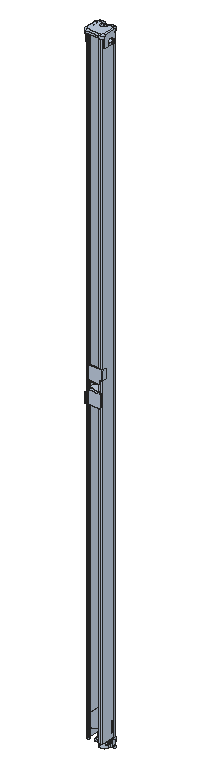
Revit family "BP", category 機械設備, Revit 2020
Family settings
  丸型コネクタ寸法 = 直径を使用
  種別 = なし
  パーツ タイプ = 標準
  作業面ベース = いいえ
  常に垂直 = はい
  ロード時にボイドで切り取り = いいえ
  共有 = はい
  部屋計算ポイント = いいえ
Parameters
  ﾌﾞﾚｽﾊﾞｰ ﾏﾃﾘｱﾙ = 溶融亜鉛メッキ
  ﾋﾞｽ ﾏﾃﾘｱﾙ = 電気亜鉛メッキ
  製造元 = "株式会社サンユー"
  既定の高さ = 0 mm
  ｽﾍﾟｰｻ [instance] = not(L < 500 mm)  # yes
  BP 長さ [instance] = 1000 mm
  URL = "http://www.3you.co.jp"
  L [instance] = if(not(BP 長さ > 1400 mm), BP 長さ, 100 mm)  # 1000 mm
  BPﾎﾞﾄﾑ ﾏﾃﾘｱﾙ = 溶融亜鉛メッキ
  BPﾄｯﾌﾟ ﾏﾃﾘｱﾙ = 溶融亜鉛メッキ
  BPｽﾍﾟｰｻ ﾏﾃﾘｱﾙ = 溶融亜鉛メッキ
Reference planes
  plane 1 "中心(正面/背面)": y = 0
  plane 2: z = 0
  plane 3 "中心(左/右)": x = 0
  plane 4: x = 0
  plane 5: z = -1.6
  plane 6: z = -1000
  plane 7: z = -500
  plane 8: z = -1007.5
Forms (mm)
  Extrusion 1, solid, material "溶融亜鉛メッキ" <- "ﾌﾞﾚｽﾊﾞｰ ﾏﾃﾘｱﾙ"
    sketch origin (0, -18.969, -1000) x (1, 0, 0) y (0, 1, 0)
      loop
        line (-12.5, 23.1) -> (-12.5, 1.9)
        arc (-12.5, 1.9) -> (-11.944, 0.556) -> (-10.6, 0) r 1.9
        line (-10.6, 0) -> (-7.5, 0) -> (-7.5, 1) -> (-10.6, 1)
        arc (-10.6, 1) -> (-11.236, 1.264) -> (-11.5, 1.9) r 0.9
        line (-11.5, 1.9) -> (-11.5, 23.1)
        arc (-11.5, 23.1) -> (-11.236, 23.736) -> (-10.6, 24) r 0.9
        line (-10.6, 24) -> (10.6, 24)
        arc (10.6, 24) -> (11.236, 23.736) -> (11.5, 23.1) r 0.9
        line (11.5, 23.1) -> (11.5, 1.9)
        arc (11.5, 1.9) -> (11.236, 1.264) -> (10.6, 1) r 0.9
        line (10.6, 1) -> (7.5, 1) -> (7.5, 0) -> (10.6, 0)
        arc (10.6, 0) -> (11.944, 0.556) -> (12.5, 1.9) r 1.9
        line (12.5, 1.9) -> (12.5, 23.1)
        arc (12.5, 23.1) -> (11.944, 24.444) -> (10.6, 25) r 1.9
        line (10.6, 25) -> (-10.6, 25)
        arc (-10.6, 25) -> (-11.944, 24.444) -> (-12.5, 23.1) r 1.9
    from 0 to 998.4
Dimensions and locks
  plane 6 to plane 7 = 500 mm
  locked: plane 2 to plane 5 at 1.6
  equal spacing: plane 2, plane 7, plane 6
  "L": plane 2 to plane 6
  locked: plane 6 to plane 8 at 7.5
  aligned and locked: level to plane 2
  aligned and locked: plane 3 "中心(左/右)" to plane 4
  aligned and locked: plane 2 to nested 2
  aligned and locked: plane 7 to nested 7
  aligned and locked: plane 6 to Extrusion 1
  aligned and locked: Extrusion 1 to plane 6
  aligned and locked: nested 3 to plane 8
  aligned and locked: nested 4 to plane 8
  aligned and locked: nested 1 to plane 6
Automatic sketch dimensions
  Extrusion 1 sketch curve to Extrusion 1 sketch curve = 0 mm  (x9)
  Extrusion 1 sketch curve to plane 3 "中心(左/右)" = 12.5 mm
  Extrusion 1 sketch curve to Extrusion 1 sketch curve = 1 mm
  Extrusion 1 sketch curve to Extrusion 1 sketch curve = 0.9 mm  (x3)
  Extrusion 1 sketch curve to Extrusion 1 sketch curve = 3.1 mm  (x2)
  plane 3 "中心(左/右)" to Extrusion 1 sketch curve = 7.5 mm
  plane 3 "中心(左/右)" to Extrusion 1 sketch curve = 10.6 mm
  plane 1 "中心(正面/背面)" to Extrusion 1 sketch curve = 18.969 mm
  Extrusion 1 sketch curve to plane 1 "中心(正面/背面)" = 4.131 mm
Nested families
  nested 1: "BP-b" at (0, 0, -1015), BPﾎﾞﾄﾑ ﾏﾃﾘｱﾙ <- "BPﾎﾞﾄﾑ ﾏﾃﾘｱﾙ", type "BPﾎﾞﾄﾑ"
  nested 2: "BP-t" at (0, 0, 0), BPﾄｯﾌﾟ ﾏﾃﾘｱﾙ <- "BPﾄｯﾌﾟ ﾏﾃﾘｱﾙ", type "BPﾄｯﾌﾟ"
  nested 3: "ﾅﾍﾞﾋﾞｽ" at (8.2, 6.2, -1007.5) x (-1, 0, 0) z (0, 1, 0), ﾋﾞｽ　ﾏﾃﾘｱﾙ <- "ﾋﾞｽ ﾏﾃﾘｱﾙ", type "4x13"
    with ﾋﾞｽ　ﾏﾃﾘｱﾙ 電気亜鉛メッキ
  nested 4: "ﾅﾍﾞﾋﾞｽ" at (-8.8, 6.2, -1007.5) x (-1, 0, 0) z (0, 1, 0), ﾋﾞｽ　ﾏﾃﾘｱﾙ <- "ﾋﾞｽ ﾏﾃﾘｱﾙ", type "4x13"
    with ﾋﾞｽ　ﾏﾃﾘｱﾙ 電気亜鉛メッキ
  nested 5: "ﾅﾍﾞﾋﾞｽ" at (-15, -7.169, -10) x (0, -1, 0) z (-1, 0, 0), ﾋﾞｽ　ﾏﾃﾘｱﾙ <- "ﾋﾞｽ ﾏﾃﾘｱﾙ", type "4x13"
    with ﾋﾞｽ　ﾏﾃﾘｱﾙ 電気亜鉛メッキ
  nested 6: "ﾅﾍﾞﾋﾞｽ" at (15, -7.169, -14) x (0, 1, 0) z (1, 0, 0), ﾋﾞｽ　ﾏﾃﾘｱﾙ <- "ﾋﾞｽ ﾏﾃﾘｱﾙ", type "4x13"
    with ﾋﾞｽ　ﾏﾃﾘｱﾙ 電気亜鉛メッキ
  nested 7: "BP-sp" at (0, 0, -500) x (1, 0, 0) z (0, 0, -1), visible <- "ｽﾍﾟｰｻ", type "BPｽﾍﾟｰｻ"
Definition of nested family "BP-b"
  Parameters (values of type "BPﾎﾞﾄﾑ")
    Default Elevation = 0 mm
    BPﾎﾞﾄﾑ ﾏﾃﾘｱﾙ [instance] = none
  Reference planes
    plane 1 "中心(正面/背面)": y = 0
    plane 2: z = 0
    plane 3 "中心(左/右)": x = 0
  Forms (mm)
    Extrusion 1, solid, material <- "BPﾎﾞﾄﾑ ﾏﾃﾘｱﾙ"
      sketch origin (0, 0.4, 0) x (-1, 0, 0) y (0, -1, 0)
        loop
          line (-6.6, 0) -> (-6.6, -2.6) -> (-5, -2.6) -> (-5, 0)
          arc (-5, 0) -> (0, 5) -> (5, 0) r 5
          line (5, 0) -> (5, -2.6) -> (6.6, -2.6) -> (6.6, 0)
          arc (6.6, 0) -> (0, 6.6) -> (-6.6, 0) r 6.6
      from 0 to 50
    Extrusion 2, solid, material <- "BPﾎﾞﾄﾑ ﾏﾃﾘｱﾙ"
      sketch origin (-0.133, -0.15, 0) x (0.062413, -0.99805, 0) y (0, 0, 1)
        loop
          line (12.461, 50) -> (-2.242, 50) -> (-2.242, 20.8) -> (13.357, 26.948)
          spline (13.357, 26.948) -> (13.571, 27.042) -> (13.777, 27.152) -> (13.973, 27.278) -> (14.16, 27.419) -> (14.334, 27.574) -> (14.496, 27.742) -> (14.645, 27.923) -> (14.779, 28.114) -> (14.898, 28.315) -> (15.001, 28.525) -> (15.087, 28.742) -> (15.156, 28.966)
          line (15.156, 28.966) -> (16.663, 34.62)
          spline (16.663, 34.62) -> (16.679, 34.683) -> (16.694, 34.747) -> (16.707, 34.811) -> (16.719, 34.875) -> (16.73, 34.939) -> (16.739, 35.003) -> (16.747, 35.068) -> (16.753, 35.133) -> (16.758, 35.198) -> (16.761, 35.263) -> (16.764, 35.328) -> (16.764, 35.393)
          line (16.764, 35.393) -> (16.764, 42.107)
          spline (16.764, 42.107) -> (16.764, 42.172) -> (16.761, 42.237) -> (16.758, 42.302) -> (16.753, 42.367) -> (16.747, 42.432) -> (16.739, 42.497) -> (16.73, 42.561) -> (16.719, 42.625) -> (16.707, 42.689) -> (16.694, 42.753) -> (16.679, 42.817) -> (16.663, 42.88)
          line (16.663, 42.88) -> (15.359, 47.773)
          spline (15.359, 47.773) -> (15.257, 48.084) -> (15.122, 48.383) -> (14.956, 48.664) -> (14.76, 48.927) -> (14.536, 49.166) -> (14.288, 49.379) -> (14.018, 49.564) -> (13.729, 49.718) -> (13.426, 49.841) -> (13.11, 49.929) -> (12.787, 49.982) -> (12.461, 50)
      from -8.9 to -10.5
    Extrusion 3, solid, material <- "BPﾎﾞﾄﾑ ﾏﾃﾘｱﾙ"
      sketch origin (0, 0, 0) x (-1, 0, 0) y (0, 0, 1)
        loop
          line (-14.8, 15) -> (-14.8, 13) -> (-13.2, 13)
          arc (-13.2, 13) -> (-12.139, 12.561) -> (-11.7, 11.5) r 1.5
          line (-11.7, 11.5) -> (-11.7, 3.5)
          arc (-11.7, 3.5) -> (-12.139, 2.439) -> (-13.2, 2) r 1.5
          line (-13.2, 2) -> (-14.8, 2) -> (-14.8, 0) -> (-5, 0) -> (-5, 20.8) -> (-10.207, 20.8)
          arc (-10.207, 20.8) -> (-8.258, 17.481) -> (-11.2, 15) r 2.985
          line (-11.2, 15) -> (-14.8, 15)
        loop
          circle (-8.2, 7.5) r 1.5
      from 3 to 4.6
    Extrusion 4, solid, material <- "BPﾎﾞﾄﾑ ﾏﾃﾘｱﾙ"
      sketch origin (0, 0, 0) x (-1, 0, 0) y (0, 0, 1)
        loop
          line (12.8, 15) -> (11.8, 15)
          arc (11.8, 15) -> (8.858, 17.483) -> (10.811, 20.8) r 2.984
          line (10.811, 20.8) -> (5, 20.8) -> (5, 0) -> (12.8, 0) -> (12.8, 15)
        loop
          circle (8.8, 7.5) r 1.5
      from 3 to 4.6
    Extrusion 5, solid, material <- "BPﾎﾞﾄﾑ ﾏﾃﾘｱﾙ"
      sketch origin (0, 0, 0) x (-1, 0, 0) y (0, 0, 1)
        loop
          line (-14.8, 15) -> (-14.8, 13) -> (-13.2, 13)
          arc (-13.2, 13) -> (-12.139, 12.561) -> (-11.7, 11.5) r 1.5
          line (-11.7, 11.5) -> (-11.7, 3.5)
          arc (-11.7, 3.5) -> (-12.139, 2.439) -> (-13.2, 2) r 1.5
          line (-13.2, 2) -> (-14.8, 2) -> (-14.8, 0) -> (9.8, 0)
          arc (9.8, 0) -> (11.921, 0.879) -> (12.8, 3) r 3
          line (12.8, 3) -> (12.8, 12)
          arc (12.8, 12) -> (11.921, 14.121) -> (9.8, 15) r 3
          line (9.8, 15) -> (4.8, 15) -> (4.8, 13.4) -> (-4.2, 13.4) -> (-4.2, 15) -> (-14.8, 15)
        loop
          circle (8.8, 7.5) r 2
        loop
          circle (-8.2, 7.5) r 2
      from 4.6 to 6.2
    Extrusion 6, solid, material <- "BPﾎﾞﾄﾑ ﾏﾃﾘｱﾙ"
      sketch origin (0, 0, 0) x (-1, 0, 0) y (0, 0, 1)
        loop
          line (-4.2, 17) -> (-4.2, 15) -> (-5.8, 15)
          arc (-5.8, 15) -> (-5.331, 13.869) -> (-4.2, 13.4) r 1.6
          line (-4.2, 13.4) -> (4.8, 13.4)
          arc (4.8, 13.4) -> (5.931, 13.869) -> (6.4, 15) r 1.6
          line (6.4, 15) -> (4.8, 15) -> (4.8, 17)
          arc (4.8, 17) -> (4.214, 18.414) -> (2.8, 19) r 2
          line (2.8, 19) -> (-2.2, 19)
          arc (-2.2, 19) -> (-3.614, 18.414) -> (-4.2, 17) r 2
      from 5.6 to 7.2
    Extrusion 7, void
      sketch origin (0, 0, 0) x (-1, 0, 0) y (0, -1, 0)
        loop
          arc (-13.621, -6.2) -> (-14.2, -4.6) -> (-13.621, -3) r 2.5
          line (-13.621, -3) -> (-15.383, -3) -> (-15.383, -6.2) -> (-13.621, -6.2)
      from 0 to 15
    Extrusion 8, solid, material <- "BPﾎﾞﾄﾑ ﾏﾃﾘｱﾙ"
      sketch origin (-0.385, 0.12, 0) x (-0.030961, -0.999521, 0) y (0, 0, -1)
        loop
          spline (12.461, -50) -> (12.787, -49.982) -> (13.11, -49.929) -> (13.426, -49.841) -> (13.729, -49.718) -> (14.018, -49.564) -> (14.288, -49.379) -> (14.536, -49.166) -> (14.76, -48.927) -> (14.956, -48.664) -> (15.122, -48.383) -> (15.257, -48.084) -> (15.359, -47.773)
          line (15.359, -47.773) -> (16.663, -42.88)
          spline (16.663, -42.88) -> (16.679, -42.817) -> (16.694, -42.753) -> (16.707, -42.689) -> (16.719, -42.625) -> (16.73, -42.561) -> (16.739, -42.497) -> (16.747, -42.432) -> (16.753, -42.367) -> (16.758, -42.302) -> (16.761, -42.237) -> (16.764, -42.172) -> (16.764, -42.107)
          line (16.764, -42.107) -> (16.764, -35.393)
          spline (16.764, -35.393) -> (16.764, -35.328) -> (16.761, -35.263) -> (16.758, -35.198) -> (16.753, -35.133) -> (16.747, -35.068) -> (16.739, -35.003) -> (16.73, -34.939) -> (16.719, -34.875) -> (16.707, -34.811) -> (16.694, -34.747) -> (16.679, -34.683) -> (16.663, -34.62)
          line (16.663, -34.62) -> (15.156, -28.966)
          spline (15.156, -28.966) -> (15.087, -28.742) -> (15, -28.525) -> (14.897, -28.314) -> (14.778, -28.113) -> (14.644, -27.921) -> (14.495, -27.741) -> (14.333, -27.573) -> (14.157, -27.417) -> (13.971, -27.276) -> (13.774, -27.15) -> (13.567, -27.04) -> (13.353, -26.946)
          line (13.353, -26.946) -> (-2.242, -20.8) -> (-2.242, -50) -> (12.461, -50)
      from -8.9 to -10.5
    Extrusion 9, solid, material <- "BPﾎﾞﾄﾑ ﾏﾃﾘｱﾙ"
      sketch origin (0, 0, 0) x (1, 0, 0) y (0, 1, 0)
        loop
          line (-10.811, 2.686) -> (-9.211, 2.637)
          arc (-9.211, 2.637) -> (-8.619, 2.907) -> (-7.974, 3) r 2.29
          line (-7.974, 3) -> (-5, 3) -> (-5, 4.6) -> (-10.811, 4.6) -> (-10.811, 2.686)
      from 20.8 to 50
    Extrusion 10, solid, material <- "BPﾎﾞﾄﾑ ﾏﾃﾘｱﾙ"
      sketch origin (0, 0, 0) x (1, 0, 0) y (0, 1, 0)
        loop
          line (8.61, 2.643) -> (10.207, 2.743) -> (10.207, 4.6) -> (5, 4.6) -> (5, 3) -> (7.5, 3)
          arc (7.5, 3) -> (8.083, 2.909) -> (8.61, 2.643) r 1.903
      from 20.8 to 50
    Extrusion 11, void
      sketch origin (0, 0, 0) x (1, 0, 0) y (0, 1, 0)
        loop
          arc (-10.811, 3) -> (-10.094, 4.151) -> (-8.816, 4.6) r 2.044
          line (-8.816, 4.6) -> (-10.811, 4.6) -> (-10.811, 3)
        loop
          line (10.207, 3) -> (10.207, 4.6) -> (8.215, 4.6)
          arc (8.215, 4.6) -> (9.492, 4.15) -> (10.207, 3) r 2.04
      from 18 to 50
    Extrusion 12, void
      sketch origin (0, 0, 0) x (1, 0, 0) y (0, 1, 0)
        loop
          line (-5, 4.6) -> (-6.2, 4.6)
          arc (-6.2, 4.6) -> (-5.351, 4.249) -> (-5, 3.4) r 1.2
          line (-5, 3.4) -> (-5, 4.6)
        loop
          line (5, 4.6) -> (5, 3.4)
          arc (5, 3.4) -> (5.351, 4.249) -> (6.2, 4.6) r 1.2
          line (6.2, 4.6) -> (5, 4.6)
      from 0 to 50
  Cuts and joins
    Extrusion 7, Extrusion 11, Extrusion 12 cuts Extrusion 1
    Extrusion 7, Extrusion 11, Extrusion 12 cuts Extrusion 2
    Extrusion 7, Extrusion 11, Extrusion 12 cuts Extrusion 3
    Extrusion 7, Extrusion 11, Extrusion 12 cuts Extrusion 4
    Extrusion 7, Extrusion 11, Extrusion 12 cuts Extrusion 5
    Extrusion 7, Extrusion 11, Extrusion 12 cuts Extrusion 6
    Extrusion 7, Extrusion 11, Extrusion 12 cuts Extrusion 8
    Extrusion 7, Extrusion 11, Extrusion 12 cuts Extrusion 9
    Extrusion 7, Extrusion 11, Extrusion 12 cuts Extrusion 10
    joined: Extrusion 1, Extrusion 2, Extrusion 3, Extrusion 4, Extrusion 5, Extrusion 6, Extrusion 8, Extrusion 9, Extrusion 10
  Dimensions and locks
    aligned and locked: level to plane 2
Definition of nested family "BP-t"
  Parameters (values of type "BPﾄｯﾌﾟ")
    Default Elevation = 0 mm
    BPﾄｯﾌﾟ ﾏﾃﾘｱﾙ [instance] = none
  Reference planes
    plane 1 "中心(正面/背面)": y = 0
    plane 2: z = 0
    plane 3 "中心(左/右)": x = 0
  Forms (mm)
    Extrusion 1, solid, material <- "BPﾄｯﾌﾟ ﾏﾃﾘｱﾙ"
      sketch origin (0, -0.175, 0) x (1, 0, 0) y (0, 1, 0)
        loop
          line (-5, 6.4) -> (-10, 6.4)
          arc (-10, 6.4) -> (-12.404, 5.404) -> (-13.4, 3) r 3.4
          line (-13.4, 3) -> (-13.4, -17)
          arc (-13.4, -17) -> (-12.404, -19.404) -> (-10, -20.4) r 3.4
          line (-10, -20.4) -> (10, -20.4)
          arc (10, -20.4) -> (12.404, -19.404) -> (13.4, -17) r 3.4
          line (13.4, -17) -> (13.4, 3)
          arc (13.4, 3) -> (12.404, 5.404) -> (10, 6.4) r 3.4
          line (10, 6.4) -> (5, 6.4) -> (5, 0)
          arc (5, 0) -> (0, -5) -> (-5, 0) r 5
          line (-5, 0) -> (-5, 6.4)
      from 0 to -1.6
    Sweep 2, solid, material <- "BPﾄｯﾌﾟ ﾏﾃﾘｱﾙ"
      path origin (0, -0.175, 0) x (1, 0, 0) y (0, 1, 0)
        loop
          line (-5, 6.4) -> (-10, 6.4)
          arc (-10, 6.4) -> (-12.404, 5.404) -> (-13.4, 3) r 3.4
          line (-13.4, 3) -> (-13.4, -17)
          arc (-13.4, -17) -> (-12.404, -19.404) -> (-10, -20.4) r 3.4
          line (-10, -20.4) -> (10, -20.4)
          arc (10, -20.4) -> (12.404, -19.404) -> (13.4, -17) r 3.4
          line (13.4, -17) -> (13.4, 3)
          arc (13.4, 3) -> (12.404, 5.404) -> (10, 6.4) r 3.4
          line (10, 6.4) -> (5, 6.4)
      profile origin (-7.5, 6.225, 0) x (0, -1, 0) y (0, 0, 1)
        loop
          line (-1.6, -1.6) -> (-1.6, -5) -> (0, -5) -> (0, 0)
          arc (0, 0) -> (-1.131, -0.469) -> (-1.6, -1.6) r 1.6
    Extrusion 3, solid, material <- "BPﾄｯﾌﾟ ﾏﾃﾘｱﾙ"
      sketch origin (0, -0.175, 0) x (0, -1, 0) y (0, 0, 1)
        loop
          line (16.8, -18) -> (16.8, -5) -> (-2.8, -5) -> (-2.8, -18)
          arc (-2.8, -18) -> (-2.214, -19.414) -> (-0.8, -20) r 2
          line (-0.8, -20) -> (14.8, -20)
          arc (14.8, -20) -> (16.214, -19.414) -> (16.8, -18) r 2
        loop
          circle (7, -14) r 2.5
      from -13.4 to -15
    Extrusion 4, solid, material <- "BPﾄｯﾌﾟ ﾏﾃﾘｱﾙ"
      sketch origin (0, -0.175, 0) x (0, -1, 0) y (0, 0, 1)
        loop
          line (-2.8, -5) -> (-2.8, -18)
          arc (-2.8, -18) -> (-2.214, -19.414) -> (-0.8, -20) r 2
          line (-0.8, -20) -> (14.8, -20)
          arc (14.8, -20) -> (16.214, -19.414) -> (16.8, -18) r 2
          line (16.8, -18) -> (16.8, -5) -> (-2.8, -5)
        loop
          circle (7, -10) r 2.5
      from 15 to 13.4
  Cuts and joins
    joined: Extrusion 1, Sweep 2, Extrusion 3, Extrusion 4
  Dimensions and locks
    aligned and locked: level to plane 2
Definition of nested family "ﾅﾍﾞﾋﾞｽ"
  Parameters (values of type "4x13")
    ﾋﾞｽ　ﾏﾃﾘｱﾙ [instance] = none
    頭 = 4 mm
    Default Elevation = 0 mm
    ねじ山 = L / 1.6 mm - 1  # 6
    Rビス = 1.2 mm
    L = 11.5 mm
  Types (5, lengths in mm): name | 頭 | ねじ山 | Rビス | L
    4x13 | 4 | 6 | 1.2 | 11.5
    4x16 | 4 | 8 | 1.2 | 14.5
    5x16 | 4.5 | 8 | 1.7 | 14.5
    5x19 | 4.5 | 10 | 1.7 | 17.5
    5x30 | 4.5 | 17 | 1.7 | 28.5
  Reference planes
    plane 1 "中心(正面/背面)": y = 0
    plane 2: z = 0
    plane 3 "中心(左/右)": x = 0
    plane 4: z = -11.5
    plane 5: x = -4
    plane 6: y = 0
    plane 7: z = -0.8
    plane 8: x = -3
    plane 9: y = 3
    plane 10: y = -3
    plane 11: x = 3
    plane 12: x = -1
    plane 13: x = -0.69
    plane 14: x = 0.69
    plane 15: y = -0.69
    plane 16: y = 0.69
    plane 17: y = 1
    plane 18: x = 1
    plane 19: y = -1
  Forms (mm)
    Revolve 1, solid, material <- "ﾋﾞｽ　ﾏﾃﾘｱﾙ"
      sketch origin (0, 0, 0) x (1, 0, 0) y (0, 0, -1)
        loop
          line (0, 13) -> (-1.2, 11.5) -> (-1.2, 0) -> (0, 0) -> (0, 13)
        axis (0, 0) -> (0, 13)
      angle from 0 to 360
    Revolve 2, solid, material <- "ﾋﾞｽ　ﾏﾃﾘｱﾙ"
      sketch origin (0, 0, 1.042) x (1, 0, 0) y (0, 0, -1)
        loop
          line (0, -2.755) -> (0, 1.042) -> (-2.904, 1.042)
          arc (-2.904, 1.042) -> (-3.698, 0.703) -> (-4, -0.106) r 1.097
          arc (-4, -0.106) -> (-3.448, -1.556) -> (-2.283, -2.58) r 3.224
          arc (-2.283, -2.58) -> (-1.144, -2.701) -> (0, -2.755) r 19.822
        axis (0, -2.755) -> (0, 1.042)
      angle from 0 to 360
    Extrusion 3, void
      sketch origin (0, 0, 0) x (1, 0, 0) y (0, 1, 0)
        loop
          line (-3, 0.69) -> (-3, -0.69) -> (-1.38, -0.69)
          arc (-1.38, -0.69) -> (-0.892, -0.892) -> (-0.69, -1.38) r 0.69
          line (-0.69, -1.38) -> (-0.69, -3) -> (0.69, -3) -> (0.69, -1.38)
          arc (0.69, -1.38) -> (0.892, -0.892) -> (1.38, -0.69) r 0.69
          line (1.38, -0.69) -> (3, -0.69) -> (3, 0.69) -> (1.38, 0.69)
          arc (1.38, 0.69) -> (0.892, 0.892) -> (0.69, 1.38) r 0.69
          line (0.69, 1.38) -> (0.69, 3) -> (-0.69, 3) -> (-0.69, 1.38)
          arc (-0.69, 1.38) -> (-0.892, 0.892) -> (-1.38, 0.69) r 0.69
          line (-1.38, 0.69) -> (-3, 0.69)
      from 2 to 5
  Cuts and joins
    Extrusion 3 cuts Revolve 2
    joined: Revolve 1, Revolve 2
  Dimensions and locks
    "頭": plane 5 to plane 3 "中心(左/右)"
    "Rビス": Revolve 1 sketch curve to Revolve 1 sketch curve
    "L": level to plane 4
    locked: plane 2 to plane 7 at 0.8
    equal spacing: group 1, group 2, group 3, group 4, group 5, group 6  (x2)
    equal spacing: group 6, group 5, group 4, group 3, group 2, group 1
    aligned and locked: level to plane 2
    aligned and locked: nested 1 to plane 7
  Automatic sketch dimensions
    Revolve 2 sketch curve to plane 5 = 0 mm  (x2)
    Revolve 2 sketch curve to level = 0 mm  (x2)
    Revolve 2 sketch curve to plane 3 "中心(左/右)" = 0 mm  (x2)
    Revolve 2 sketch curve to plane 3 "中心(左/右)" = 0.8 mm
    plane 3 "中心(左/右)" to Revolve 2 sketch curve = 0.368 mm
    level to Revolve 2 sketch curve = 0.761 mm
    plane 4 to Revolve 2 sketch curve = 4.521 mm
    Revolve 2 sketch curve to Revolve 2 sketch curve = 0 mm
    level to Revolve 2 sketch curve = 1.097 mm
    Revolve 2 sketch curve to Revolve 2 sketch curve = 3.037 mm
    Extrusion 3 sketch curve to plane 8 = 0 mm
    Extrusion 3 sketch curve to plane 14 = 0 mm  (x2)
    plane 10 to Extrusion 3 sketch curve = 0 mm
    Extrusion 3 sketch curve to plane 15 = 0 mm  (x2)
    Extrusion 3 sketch curve to plane 11 = 0 mm
    Extrusion 3 sketch curve to plane 19 = 0.38 mm  (x2)
    Extrusion 3 sketch curve to plane 9 = 0 mm
    Extrusion 3 sketch curve to plane 13 = 0 mm  (x2)
    plane 17 to Extrusion 3 sketch curve = 0.38 mm  (x2)
    Extrusion 3 sketch curve to plane 16 = 0 mm  (x2)
    Revolve 1 sketch curve to plane 4 = 0 mm
    Revolve 1 sketch curve to level = 0 mm  (x2)
    Revolve 1 sketch curve to plane 3 "中心(左/右)" = 0 mm  (x2)
    plane 4 to Revolve 1 sketch curve = 1.5 mm
    Revolve 1 sketch curve to Revolve 1 sketch curve = 0 mm
  Nested families
    nested 1: "ねじ山" at (0, 0, -1.6), type "ねじ山"
      with 外半径 2 mm, 内半径 1.2 mm
    nested 2: "ねじ山" at (0, 0, -3.2), type "ねじ山"
      with 外半径 2 mm, 内半径 1.2 mm
    nested 3: "ねじ山" at (0, 0, -4.8), type "ねじ山"
      with 外半径 2 mm, 内半径 1.2 mm
    nested 4: "ねじ山" at (0, 0, -6.4), type "ねじ山"
      with 外半径 2 mm, 内半径 1.2 mm
    nested 5: "ねじ山" at (0, 0, -8), type "ねじ山"
      with 外半径 2 mm, 内半径 1.2 mm
    nested 6: "ねじ山" at (0, 0, -9.6), type "ねじ山"
      with 外半径 2 mm, 内半径 1.2 mm
  Definition of nested family "ねじ山"
    Parameters (values of type "ねじ山")
      ねじ山　ﾏﾃﾘｱﾙ = none
      Default Elevation = 0 mm
      外半径 = 内半径 + 0.8 mm  # 2.9 mm
      内半径 = 2.1 mm
    Reference planes
      plane 1 "中心(正面/背面)": y = 0
      plane 2: z = 0
      plane 3 "中心(左/右)": x = 0
    Forms (mm)
      Extrusion 1, solid, material <- "ねじ山　ﾏﾃﾘｱﾙ"
        sketch origin (0, 0, 0) x (1, 0, 0) y (0, 1, 0)
          loop
            circle (0, 0) r 2.1
          loop
            circle (0, 0) r 2.9
        from 0 to 0.8
    Dimensions and locks
      "内半径": radius of Extrusion 1 sketch curve
      "外半径": radius of Extrusion 1 sketch curve
      aligned and locked: level to plane 2
    Automatic sketch dimensions
      Extrusion 1 sketch curve to Extrusion 1 sketch curve = 0 mm  (x2)
      plane 1 "中心(正面/背面)" to Extrusion 1 sketch curve = 0 mm
      Extrusion 1 sketch curve to plane 3 "中心(左/右)" = 0 mm
Definition of nested family "BP-sp"
  Parameters (values of type "BP-sp")
    Default Elevation = 0 mm
    BPｽﾍﾟｰｻ ﾏﾃﾘｱﾙ [instance] = none
    BPｽﾍﾟｰｻ 表示 = yes
  Reference planes
    plane 1 "中心(正面/背面)": y = 0
    plane 2: z = 0
    plane 3 "中心(左/右)": x = 0
  Forms (mm)
    Extrusion 1, solid, material <- "BPｽﾍﾟｰｻ ﾏﾃﾘｱﾙ", visible <- "BPｽﾍﾟｰｻ 表示"
      sketch origin (0.2, -19.438, 0.2) x (1, 0, 0) y (0, 0, 1)
        loop
          line (-13.2, 27.6) -> (-13.2, 12.6) -> (-12.2, 12.6)
          arc (-12.2, 12.6) -> (-10.432, 11.868) -> (-9.7, 10.1) r 2.5
          line (-9.7, 10.1) -> (-9.7, 8.1)
          arc (-9.7, 8.1) -> (-9.114, 6.686) -> (-7.7, 6.1) r 2
          line (-7.7, 6.1) -> (8.8, 6.1)
          arc (8.8, 6.1) -> (10.214, 6.686) -> (10.8, 8.1) r 2
          line (10.8, 8.1) -> (10.8, 25.6)
          arc (10.8, 25.6) -> (10.214, 27.014) -> (8.8, 27.6) r 2
          line (8.8, 27.6) -> (-13.2, 27.6)
      from 0 to 0.8
    Extrusion 2, solid, material <- "BPｽﾍﾟｰｻ ﾏﾃﾘｱﾙ", visible <- "BPｽﾍﾟｰｻ 表示"
      sketch origin (0.2, -19.438, 0.2) x (1, 0, 0) y (0, 0, 1)
        loop
          line (-9.7, 5.3) -> (-11.2, -5.7) -> (9.3, -5.7) -> (10.8, 5.3) -> (-9.7, 5.3)
      from -14 to -14.8
    Extrusion 3, solid, material <- "BPｽﾍﾟｰｻ ﾏﾃﾘｱﾙ", visible <- "BPｽﾍﾟｰｻ 表示"
      sketch origin (0.2, -19.438, 0.2) x (1, 0, 0) y (0, 0, 1)
        loop
          line (-11.2, -8.5) -> (-11.2, -26)
          arc (-11.2, -26) -> (-10.614, -27.414) -> (-9.2, -28) r 2
          line (-9.2, -28) -> (12.8, -28) -> (12.8, -13) -> (11.8, -13)
          arc (11.8, -13) -> (10.032, -12.268) -> (9.3, -10.5) r 2.5
          line (9.3, -10.5) -> (9.3, -8.5)
          arc (9.3, -8.5) -> (8.714, -7.086) -> (7.3, -6.5) r 2
          line (7.3, -6.5) -> (-9.2, -6.5)
          arc (-9.2, -6.5) -> (-10.614, -7.086) -> (-11.2, -8.5) r 2
      from 0 to 0.8
    Extrusion 4, solid, material <- "BPｽﾍﾟｰｻ ﾏﾃﾘｱﾙ", visible <- "BPｽﾍﾟｰｻ 表示"
      sketch origin (0.2, -19.438, 0) x (1, 0, 0) y (0, 1, 0)
        loop
          line (-5.7, 1.5) -> (-5.7, -0.8) -> (6.8, -0.8) -> (6.8, 1.5)
          arc (6.8, 1.5) -> (6.946, 1.854) -> (7.3, 2) r 0.5
          line (7.3, 2) -> (10.3, 2)
          arc (10.3, 2) -> (10.654, 2.146) -> (10.8, 2.5) r 0.5
          line (10.8, 2.5) -> (10.8, 14.8) -> (-9.7, 14.8) -> (-9.7, 2.5)
          arc (-9.7, 2.5) -> (-9.554, 2.146) -> (-9.2, 2) r 0.5
          line (-9.2, 2) -> (-6.2, 2)
          arc (-6.2, 2) -> (-5.846, 1.854) -> (-5.7, 1.5) r 0.5
      from 5.5 to 6.3
    Extrusion 5, solid, material <- "BPｽﾍﾟｰｻ ﾏﾃﾘｱﾙ", visible <- "BPｽﾍﾟｰｻ 表示"
      sketch origin (0.2, -19.438, 0) x (1, 0, 0) y (0, 1, 0)
        loop
          line (-7.2, 1.3) -> (-7.2, -0.8) -> (5.3, -0.8) -> (5.3, 1.3)
          arc (5.3, 1.3) -> (5.446, 1.654) -> (5.8, 1.8) r 0.5
          line (5.8, 1.8) -> (8.8, 1.8)
          arc (8.8, 1.8) -> (9.154, 1.946) -> (9.3, 2.3) r 0.5
          line (9.3, 2.3) -> (9.3, 14.8) -> (-11.2, 14.8) -> (-11.2, 1.8) -> (-7.7, 1.8)
          arc (-7.7, 1.8) -> (-7.346, 1.654) -> (-7.2, 1.3) r 0.5
      from -5.5 to -6.3
    Extrusion 6, solid, material <- "BPｽﾍﾟｰｻ ﾏﾃﾘｱﾙ", visible <- "BPｽﾍﾟｰｻ 表示"
      sketch origin (0, -19.438, 0.2) x (0, 1, 0) y (0, 0, 1)
        loop
          line (-0.8, 27.6) -> (-0.8, 12.6) -> (4.7, 12.6)
          arc (4.7, 12.6) -> (5.761, 13.039) -> (6.2, 14.1) r 1.5
          line (6.2, 14.1) -> (6.2, 26.1)
          arc (6.2, 26.1) -> (5.761, 27.161) -> (4.7, 27.6) r 1.5
          line (4.7, 27.6) -> (-0.8, 27.6)
      from -13 to -13.8
    Extrusion 7, solid, material <- "BPｽﾍﾟｰｻ ﾏﾃﾘｱﾙ", visible <- "BPｽﾍﾟｰｻ 表示"
      sketch origin (0, -19.438, 0.2) x (0, 1, 0) y (0, 0, 1)
        loop
          line (-0.8, -28) -> (4.7, -28)
          arc (4.7, -28) -> (5.761, -27.561) -> (6.2, -26.5) r 1.5
          line (6.2, -26.5) -> (6.2, -14.5)
          arc (6.2, -14.5) -> (5.761, -13.439) -> (4.7, -13) r 1.5
          line (4.7, -13) -> (-0.8, -13) -> (-0.8, -28)
      from 13 to 13.8
    Extrusion 8, void
      sketch origin (0, -19.438, 0) x (1, 0, 0) y (0, 1, 0)
        loop
          arc (-13, -0.8) -> (-13.566, -0.566) -> (-13.8, 0) r 0.8
          line (-13.8, 0) -> (-13.8, -0.8) -> (-13, -0.8)
      from 12.8 to 27.8
    Extrusion 9, void
      sketch origin (0, -19.438, 0) x (1, 0, 0) y (0, 1, 0)
        loop
          line (13, -0.8) -> (13.8, -0.8) -> (13.8, 0)
          arc (13.8, 0) -> (13.566, -0.566) -> (13, -0.8) r 0.8
      from -12.8 to -27.8
    Extrusion 10, void
      sketch origin (0, -19.438, 0) x (0, 1, 0) y (0, 0, 1)
        loop
          line (-0.8, 6.3) -> (-0.8, 5.5) -> (0, 5.5)
          arc (0, 5.5) -> (-0.566, 5.734) -> (-0.8, 6.3) r 0.8
      from -5.5 to 7
    Extrusion 11, void
      sketch origin (0, -19.438, 0) x (0, 1, 0) y (0, 0, 1)
        loop
          line (0, -5.5) -> (-0.8, -5.5) -> (-0.8, -6.3)
          arc (-0.8, -6.3) -> (-0.566, -5.734) -> (0, -5.5) r 0.8
      from -7 to 5.5
  Cuts and joins
    Extrusion 10 cuts Extrusion 1
    Extrusion 10 cuts Extrusion 4
    Extrusion 11 cuts Extrusion 5
    Extrusion 8 cuts Extrusion 6
    Extrusion 9 cuts Extrusion 7
    joined: Extrusion 1, Extrusion 2, Extrusion 3, Extrusion 4, Extrusion 5, Extrusion 6, Extrusion 7
  Lines and regions (mm)
    reference lines
      curve 1: line (-45, 0, 0) -> (45, 0, 0)
  Dimensions and locks
    aligned and locked: level to plane 2
    aligned and locked: curve 1 to plane 2
